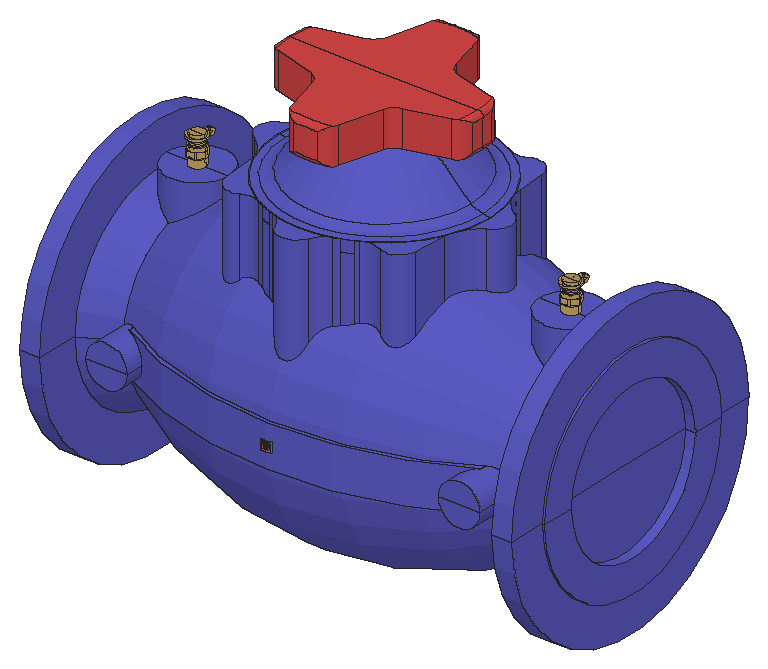
Revit family "HERZ Strömax Балансировочный клапан с измерительными клапанами, шпиндель прямой 4218 GMF", category Rohrzubehör, Revit 2018
Family settings
  Bemaßung runder Anschluss = Durchmesser verwenden
  Teiletyp = Unterbricht
  OmniClass-Nummer = 23.65.55.14
  OmniClass-Titel = Valves for Liquid Services
  Arbeitsebenenbasiert = Nein
  Immer vertikal = Ja
  Beim Laden mit Abzugskörper schneiden = Nein
  Gemeinsam genutzt = Nein
Parameters
  Среда = "Допускается использование этилен- и пропиленгликоля в концентрации смеси 25-50% объема.\r\nКачество теплоносителя в соответствии с ÖNORM H 5195 и VDI 2035."
  Область применения = "Для гидравлической балансировки в системах отопления или охлаждения, регулирования и перекрытия трубопроводов, стояков, теплообменников, регистров отопления и охлаждения."
  Номер заказа [instance] = size_lookup("4218_GMF_", "Artnr", 0, Nennweite)  # 1421851
  Макс. рабочее давление = 1600000.0 Pa  # constant formula
  Макс. рабочая температура (с DN40) = 110 °C  # constant formula
  Макс. рабочая температура (до DN32) = 130 °C  # constant formula
  Корпус = "чугун GJL 250 по EN 1561"  # constant formula
  Исполнение = "STRÖMAX-GMF-Балансировочный клапан с измерительными клапанами DN 25 - 150:\r\nШпиндель прямой, корпус из чугуна GJL 250 по EN 1561, фланцевое исполнение EN 1092, PN 16, синего цвета.\r\nБуксы клапана до DN 100 из латуни, резьбовое соединение, от DN 125 буксы клапана из чугуна, с неподнимающимся шпинделем.\r\nУплотнение шпинделя при помощи двойного кольцевого уплотнения.\r\nПредварительная настройка производится посредством ограничения хода с помощью внутреннего шпинделя, цифровые показания ступени преднастройки считываются в окошке маховика.\r\nДва измерительных клапана монтируются сверху, по обе стороны маховика."
  Измерение перепада давления = "Клапан балансировочный STRÖMAX-GMF укомплектован двумя измерительными клапанами:\r\nпри применении соответствующего измерительного прибора можно измерить перепад давления и по диаграмме определить текущий расход в зависимости от ступени настройки.\r\nНа экране измерительного прибора высвечивается текущее значение расхода (см. руководство по измерительным приборам)."
  kvs-значения [instance] = if(Nennweite = 25.00 mm, 11.53, if(Nennweite = 32.00 mm, 16.6, if(Nennweite = 40.00 mm, 28.6, if(Nennweite = 50.00 mm, 37.84, if(Nennweite = 65.00 mm, 60.3, if(Nennweite = 80.00 mm, 67.8, if(Nennweite = 100.00 mm, 99.55, if(Nennweite = 125.00 mm, 186.58, if(Nennweite = 150.00 mm, 279.05, 0)))))))))  # 279.05
  W02 = 60.00°  # constant formula
  W01 [instance] = if(Nennweite = 25.00 mm, 10.00°, if(Nennweite = 32.00 mm, 10.00°, if(Nennweite = 40.00 mm, 15.00°, if(Nennweite = 50.00 mm, 10.00°, if(Nennweite = 65.00 mm, 25.00°, if(Nennweite = 80.00 mm, 25.00°, 0.80°))))))  # 0.80°
  Букса (до DN100) = "латунь"  # constant formula
  Букса (от DN125) = "чугун"  # constant formula
  URL = "www.herz-armaturen.ru"
  SCRNSEQ = "ARM;ARM_TYP=\"STRV\";2"
  SCRNCODE = "05;07;02"  # constant formula
  S01 [instance] = Nennweite + 10.00 mm  # 160.00 mm
  R02 [instance] = size_lookup("4218_GMF_", "R2", 1.00 mm, Nennweite)  # 30.00 mm
  R01 [instance] = size_lookup("4218_GMF_", "R1", 1.00 mm, Nennweite)  # 20.00 mm
  O-Ring = "EPDM"  # constant formula
  Nennweite [instance] = 150.00 mm
  L03 [instance] = size_lookup("4218_GMF_", "L3", 1.00 mm, Nennweite)  # 180.00 mm
  L02 [instance] = size_lookup("4218_GMF_", "L2", 1.00 mm, Nennweite)  # 170.00 mm
  L01 [instance] = size_lookup("4218_GMF_", "L1", 1.00 mm, Nennweite)  # 185.00 mm
  L00 [instance] = size_lookup("4218_GMF_", "L", 1.00 mm, Nennweite)  # 480.00 mm
  Hersteller = "HERZ Armaturen Ges.m.b.H."  # constant formula
  H08 [instance] = H02 + H04  # 238.50 mm
  H07 = 10.00 mm  # constant formula
  H06 [instance] = size_lookup("4218_GMF_", "H6", 1.00 mm, Nennweite)  # 56.00 mm
  H05 [instance] = size_lookup("4218_GMF_", "H5", 1.00 mm, Nennweite)  # 11.00 mm
  H04 [instance] = size_lookup("4218_GMF_", "H4", 1.00 mm, Nennweite)  # 78.50 mm
  H03 [instance] = size_lookup("4218_GMF_", "H3", 1.00 mm, Nennweite)  # 118.00 mm
  H02N [instance] = H02 + 11.00 mm  # 171.00 mm
  H02 [instance] = size_lookup("4218_GMF_", "H2", 1.00 mm, Nennweite)  # 160.00 mm
  H01 [instance] = size_lookup("4218_GMF_", "H1", 1.00 mm, Nennweite)  # 122.00 mm
  GT = 10.00 mm  # constant formula
  FLL02 [instance] = size_lookup("4218_GMF_", "FLL2", 1.00 mm, Nennweite)  # 19.00 mm
  FLL01 [instance] = size_lookup("4218_GMF_", "FLL1", 1.00 mm, Nennweite)  # 3.00 mm
  FLD03 [instance] = size_lookup("4218_GMF_", "FLD3", 1.00 mm, Nennweite)  # 84.20 mm
  FLD02 [instance] = size_lookup("4218_GMF_", "FLD2", 1.00 mm, Nennweite)  # 101.00 mm
  FLD01 [instance] = size_lookup("4218_GMF_", "FLD1", 1.00 mm, Nennweite)  # 106.00 mm
  FLD00 [instance] = size_lookup("4218_GMF_", "FLD", 1.00 mm, Nennweite)  # 142.50 mm
  DN80 [instance] = Nennweite = 80.00 mm  # no
  DN65 [instance] = Nennweite = 65.00 mm  # no
  DN50-DN80 [instance] = or(Nennweite = 50.00 mm, Nennweite = 65.00 mm, Nennweite = 80.00 mm)  # no
  DN50 [instance] = Nennweite = 50.00 mm  # no
  DN40 [instance] = Nennweite = 40.00 mm  # no
  DN32 [instance] = Nennweite = 32.00 mm  # no
  DN25-DN40 [instance] = or(Nennweite = 25.00 mm, Nennweite = 32.00 mm, Nennweite = 40.00 mm)  # no
  DN25 [instance] = Nennweite = 25.00 mm  # no
  DN150 [instance] = Nennweite = 150.00 mm  # yes
  DN125 [instance] = Nennweite = 125.00 mm  # no
  DN100-DN125 [instance] = or(Nennweite = 100.00 mm, Nennweite = 125.00 mm, Nennweite = 150.00 mm)  # yes
  DN100 [instance] = Nennweite = 100.00 mm  # no
  D04 [instance] = size_lookup("4218_GMF_", "D4", 1.00 mm, Nennweite)  # 15.00 mm
  D03 [instance] = size_lookup("4218_GMF_", "D3", 1.00 mm, Nennweite)  # 16.00 mm
  D02 [instance] = size_lookup("4218_GMF_", "D2", 1.00 mm, Nennweite)  # 17.00 mm
  D01 [instance] = size_lookup("4218_GMF_", "D1", 1.00 mm, Nennweite)  # 102.50 mm
  D00 [instance] = size_lookup("4218_GMF_", "D", 1.00 mm, Nennweite)  # 140.00 mm
  BH02 [instance] = -BH01  # -20.00 mm
  BH01 [instance] = if(Nennweite = 25.00 mm, 12.00 mm, if(Nennweite = 32.00 mm, 12.50 mm, if(Nennweite = 40.00 mm, 12.50 mm, if(Nennweite = 50.00 mm, 12.50 mm, if(Nennweite = 65.00 mm, 15.00 mm, if(Nennweite = 80.00 mm, 16.00 mm, if(Nennweite = 100.00 mm, 17.50 mm, if(Nennweite = 125.00 mm, 17.50 mm, if(Nennweite = 150.00 mm, 20.00 mm, 1.00 mm)))))))))  # 20.00 mm
  Anschluss [instance] = Nennweite / 2  # 75.00 mm
Reference planes
  plane 1 "Mitte (Vorne/hinten)": y = 0
  plane 2: z = 0
  plane 3 "Mitte (Links/rechts)": x = 0
Forms (mm)
  Revolve 1, solid, material "Herz-Marineblau", detail levels fine
    sketch origin (1058.943, 0, 0) x (1, 0, 0) y (0, 1, 0)
      loop
        line (-1295.943, 142.5) -> (-1295.943, 106) -> (-1298.943, 106) -> (-1298.943, 75) -> (-1288.943, 75) -> (-1288.943, 0) -> (-828.943, 0) -> (-828.943, 75) -> (-818.943, 75) -> (-818.943, 106) -> (-821.943, 106) -> (-821.943, 142.5) -> (-840.943, 142.5) -> (-840.943, 101) -> (-873.943, 84.2)
        arc (-873.943, 84.2) -> (-1058.943, 140) -> (-1243.943, 84.2) r 334.576
        line (-1243.943, 84.2) -> (-1276.943, 101) -> (-1276.943, 142.5) -> (-1295.943, 142.5)
      axis (-1298.943, 0) -> (-818.943, 0)
    angle from 0 to 360
  Revolve 2, solid, material "Herz-Marineblau", detail levels fine
    sketch origin (0, 0, 0) x (1, 0, 0) y (0, 1, 0)
      loop
        line (-170, 122) -> (-190, 122) -> (-190, -122) -> (-170, -122) -> (-170, 122)
      axis (-170, 122) -> (-170, -122)
    angle from 0 to 360
  Revolve 3, solid, material "Herz-Marineblau", detail levels fine
    sketch origin (0, 0, 0) x (-1, 0, 0) y (0, 1, 0)
      loop
        line (-170, 122) -> (-190, 122) -> (-190, -122) -> (-170, -122) -> (-170, 122)
      axis (-170, 122) -> (-170, -122)
    angle from 0 to 360
  Revolve 4, solid, material "Herz-Marineblau", detail levels fine
    sketch origin (0, 0, 0) x (1, 0, 0) y (0, 0, 1)
      loop
        line (0, 0) -> (0, 160) -> (-102.5, 160) -> (-102.5, 0) -> (0, 0)
      axis (0, 160) -> (0, 0)
    angle from 0 to 360
  Revolve 5, solid, material "Herz-Marineblau", detail levels fine
    sketch origin (0, 0, 0) x (1, 0, 0) y (0, 0, 1)
      loop
        line (-178.413, 4.322) -> (-148.416, 4.741) -> (-150.003, 118.419) -> (-180, 118) -> (-178.413, 4.322)
      axis (-180, 118) -> (-178.413, 4.322)
    angle from 0 to 360
  Revolve 6, solid, material "Herz-Marineblau", detail levels fine
    sketch origin (0, 0, 0) x (-1, 0, 0) y (0, 0, 1)
      loop
        line (-178.413, 4.322) -> (-148.416, 4.741) -> (-150.003, 118.419) -> (-180, 118) -> (-178.413, 4.322)
      axis (-180, 118) -> (-178.413, 4.322)
    angle from 0 to 360
  Extrusion 7, solid, material "Herz-Marineblau", visible <- "DN25", detail levels fine
    sketch origin (0, 0, 0) x (1, 0, 0) y (0, 1, 0)
      loop
        line (-40, 18.232) -> (-40, -18.232)
        arc (-40, -18.232) -> (0, -31) -> (40, -18.232) r 69.038
        line (40, -18.232) -> (40, 18.232)
        arc (40, 18.232) -> (0, 31) -> (-40, 18.232) r 69.038
    from -20 <- "BH02" to 20 <- "BH01"
  Extrusion 8, solid, material "Herz-Marineblau", visible <- "DN32", detail levels fine
    sketch origin (0, 0, 0) x (1, 0, 0) y (0, 1, 0)
      loop
        line (-50, 21.35) -> (-50, -21.35)
        arc (-50, -21.35) -> (0, -37) -> (50, -21.35) r 87.698
        line (50, -21.35) -> (50, 21.35)
        arc (50, 21.35) -> (0, 37) -> (-50, 21.35) r 87.698
    from -20 <- "BH02" to 20 <- "BH01"
  Extrusion 9, solid, material "Herz-Marineblau", visible <- "DN40", detail levels fine
    sketch origin (0, 0, 0) x (1, 0, 0) y (0, 1, 0)
      loop
        arc (-60, -22.89) -> (0, -39) -> (60, -22.89) r 119.787
        line (60, -22.89) -> (60, 22.89)
        arc (60, 22.89) -> (0, 39) -> (-60, 22.89) r 119.787
        line (-60, 22.89) -> (-60, -22.89)
    from -20 <- "BH02" to 20 <- "BH01"
  Extrusion 10, solid, material "Herz-Marineblau", visible <- "DN50", detail levels fine
    sketch origin (0, 0, 0) x (1, 0, 0) y (0, 1, 0)
      loop
        line (70, -31.244) -> (70, 31.244)
        arc (70, 31.244) -> (0, 44) -> (-70, 31.244) r 198.442
        line (-70, 31.244) -> (-70, -31.244)
        arc (-70, -31.244) -> (0, -44) -> (70, -31.244) r 198.442
    from -20 <- "BH02" to 20 <- "BH01"
  Extrusion 11, solid, material "Herz-Marineblau", visible <- "DN65", detail levels fine
    sketch origin (0, 0, 0) x (1, 0, 0) y (0, 1, 0)
      loop
        line (-89, 42.065) -> (-89, -42.065)
        arc (-89, -42.065) -> (0, -53) -> (89, -42.065) r 367.662
        line (89, -42.065) -> (89, 42.065)
        arc (89, 42.065) -> (0, 53) -> (-89, 42.065) r 367.662
    from -20 <- "BH02" to 20 <- "BH01"
  Extrusion 12, solid, material "Herz-Marineblau", visible <- "DN80", detail levels fine
    sketch origin (0, 0, 0) x (1, 0, 0) y (0, 1, 0)
      loop
        arc (-100, -47.474) -> (0, -56.538) -> (100, -47.474) r 556.156
        line (100, -47.474) -> (100, 47.474)
        arc (100, 47.474) -> (0, 56.538) -> (-100, 47.474) r 556.156
        line (-100, 47.474) -> (-100, -47.474)
    from -20 <- "BH02" to 20 <- "BH01"
  Extrusion 13, solid, material "Herz-Marineblau", visible <- "DN100", detail levels fine
    sketch origin (0, 0, 0) x (1, 0, 0) y (0, 1, 0)
      loop
        line (-118, 61.457) -> (-118, -61.457)
        arc (-118, -61.457) -> (0, -84.506) -> (118, -61.457) r 313.571
        line (118, -61.457) -> (118, 61.457)
        arc (118, 61.457) -> (0, 84.506) -> (-118, 61.457) r 313.571
    from -20 <- "BH02" to 20 <- "BH01"
  Extrusion 14, solid, material "Herz-Marineblau", visible <- "DN125", detail levels fine
    sketch origin (0, 0, 0) x (1, 0, 0) y (0, 1, 0)
      loop
        line (-140, 76.087) -> (-140, -76.087)
        arc (-140, -76.087) -> (0, -121.009) -> (140, -76.087) r 240.621
        line (140, -76.087) -> (140, 76.087)
        arc (140, 76.087) -> (0, 121.009) -> (-140, 76.087) r 240.621
    from -20 <- "BH02" to 20 <- "BH01"
  Extrusion 15, solid, material "Herz-Marineblau", visible <- "DN150", detail levels fine
    sketch origin (0, 0, 0) x (1, 0, 0) y (0, 1, 0)
      loop
        arc (-170, -95.905) -> (0, -141.967) -> (170, -95.905) r 336.739
        line (170, -95.905) -> (170, 95.905)
        arc (170, 95.905) -> (0, 141.967) -> (-170, 95.905) r 336.739
        line (-170, 95.905) -> (-170, -95.905)
    from -20 <- "BH02" to 20 <- "BH01"
  Extrusion 16, solid, material "Herz-Marineblau", visible <- "DN125", detail levels fine
    sketch origin (0, 0, 0) x (1, 0, 0) y (0, 1, 0)
      loop
        arc (15.676, 98.149) -> (0, 109.5) -> (-15.676, 98.149) r 16.5
        arc (-15.676, 98.149) -> (-20.502, 90.282) -> (-28.346, 85.419) r 20
        arc (-28.346, 85.419) -> (-34.369, 83.168) -> (-40.215, 80.492) r 90
        arc (-40.215, 80.492) -> (-49.468, 78.32) -> (-58.678, 80.663) r 20
        arc (-58.678, 80.663) -> (-75.166, 79.318) -> (-82.2, 64.344) r 16.5
        line (-82.2, 64.344) -> (-85.23, 28.819)
        arc (-85.23, 28.819) -> (-90.21, 20.539) -> (-98.49, 15.56) r 20
        arc (-98.49, 15.56) -> (-109.5, 0) -> (-98.49, -15.56) r 16.5
        arc (-98.49, -15.56) -> (-90.21, -20.539) -> (-85.23, -28.819) r 20
        line (-85.23, -28.819) -> (-82.2, -64.344)
        arc (-82.2, -64.344) -> (-75.166, -79.318) -> (-58.678, -80.663) r 16.5
        arc (-58.678, -80.663) -> (-49.468, -78.32) -> (-40.215, -80.492) r 20
        arc (-40.215, -80.492) -> (-34.369, -83.168) -> (-28.346, -85.419) r 90
        arc (-28.346, -85.419) -> (-20.502, -90.282) -> (-15.676, -98.149) r 20
        arc (-15.676, -98.149) -> (0, -109.5) -> (15.676, -98.149) r 16.5
        arc (15.676, -98.149) -> (20.502, -90.282) -> (28.346, -85.419) r 20
        arc (28.346, -85.419) -> (34.369, -83.168) -> (40.215, -80.492) r 90
        arc (40.215, -80.492) -> (49.468, -78.32) -> (58.678, -80.663) r 20
        arc (58.678, -80.663) -> (75.166, -79.318) -> (82.2, -64.344) r 16.5
        line (82.2, -64.344) -> (85.23, -28.819)
        arc (85.23, -28.819) -> (90.21, -20.539) -> (98.49, -15.56) r 20
        arc (98.49, -15.56) -> (109.5, 0) -> (98.49, 15.56) r 16.5
        arc (98.49, 15.56) -> (90.21, 20.539) -> (85.23, 28.819) r 20
        line (85.23, 28.819) -> (82.2, 64.344)
        arc (82.2, 64.344) -> (75.166, 79.318) -> (58.678, 80.663) r 16.5
        arc (58.678, 80.663) -> (49.468, 78.32) -> (40.215, 80.492) r 20
        arc (40.215, 80.492) -> (34.369, 83.168) -> (28.346, 85.419) r 90
        arc (28.346, 85.419) -> (20.502, 90.282) -> (15.676, 98.149) r 20
    from 0 to 171 <- "H02N"
  Extrusion 17, solid, material "Herz-Marineblau", visible <- "DN150", detail levels fine
    sketch origin (0, 0, 0) x (1, 0, 0) y (0, 1, 0)
      loop
        arc (16.1, 110.958) -> (0, 122.5) -> (-16.1, 110.958) r 17
        arc (-16.1, 110.958) -> (-21.16, 102.981) -> (-29.318, 98.218) r 19.995
        arc (-29.318, 98.218) -> (-39.225, 94.698) -> (-48.72, 90.181) r 102.5
        arc (-48.72, 90.181) -> (-57.856, 87.781) -> (-67.075, 89.844) r 19.995
        arc (-67.075, 89.844) -> (-82.996, 89.381) -> (-91.547, 75.943) r 17
        line (-91.547, 75.943) -> (-94.4, 39.936)
        arc (-94.4, 39.936) -> (-101.42, 25.402) -> (-113.679, 14.903) r 39.4
        arc (-113.679, 14.903) -> (-122.5, 0) -> (-113.679, -14.903) r 17
        arc (-113.679, -14.903) -> (-101.42, -25.402) -> (-94.4, -39.936) r 39.4
        line (-94.4, -39.936) -> (-91.547, -75.943)
        arc (-91.547, -75.943) -> (-82.996, -89.381) -> (-67.075, -89.844) r 17
        arc (-67.075, -89.844) -> (-57.856, -87.781) -> (-48.72, -90.181) r 19.995
        arc (-48.72, -90.181) -> (-39.225, -94.698) -> (-29.318, -98.218) r 102.5
        arc (-29.318, -98.218) -> (-21.16, -102.981) -> (-16.1, -110.958) r 19.995
        arc (-16.1, -110.958) -> (0, -122.5) -> (16.1, -110.958) r 17
        arc (16.1, -110.958) -> (21.16, -102.981) -> (29.318, -98.218) r 19.995
        arc (29.318, -98.218) -> (39.225, -94.698) -> (48.72, -90.181) r 102.5
        arc (48.72, -90.181) -> (57.856, -87.781) -> (67.075, -89.844) r 19.995
        arc (67.075, -89.844) -> (82.996, -89.381) -> (91.547, -75.943) r 17
        line (91.547, -75.943) -> (93.96, -45.484)
        arc (93.96, -45.484) -> (99.132, -28.867) -> (110.958, -16.1) r 39.4
        arc (110.958, -16.1) -> (122.5, 0) -> (110.958, 16.1) r 17
        arc (110.958, 16.1) -> (99.132, 28.867) -> (93.96, 45.484) r 39.4
        line (93.96, 45.484) -> (91.547, 75.943)
        arc (91.547, 75.943) -> (82.996, 89.381) -> (67.075, 89.844) r 17
        arc (67.075, 89.844) -> (57.856, 87.781) -> (48.72, 90.181) r 19.995
        arc (48.72, 90.181) -> (39.225, 94.698) -> (29.318, 98.218) r 102.5
        arc (29.318, 98.218) -> (21.16, 102.981) -> (16.1, 110.958) r 19.995
    from 0 to 171 <- "H02N"
  Revolve 18, solid, material "Herz-Marineblau", detail levels fine
    sketch origin (0, 0, 0) x (1, 0, 0) y (0, 0, 1)
      loop
        line (0, 160) -> (0, 238.5) -> (-15, 238.5) -> (-15, 228.5) -> (-16, 228.5) -> (-16, 227) -> (-17, 227) -> (-17, 171) -> (-102.5, 171) -> (-102.5, 160) -> (0, 160)
      axis (0, 238.5) -> (0, 160)
    angle from 0 to 360
  Revolve 19, solid, material "Herz-Marineblau", visible <- "DN125", detail levels fine
    sketch origin (0, 0, 143) x (1, 0, 0) y (0, 0, 1)
      loop
        line (0, 0) -> (0, 62) -> (-15, 62) -> (-15, 52) -> (-21.8, 52)
        arc (-21.8, 52) -> (-23.44, 48.297) -> (-27.284, 47.023) r 5
        arc (-27.284, 47.023) -> (-30.294, 46.63) -> (-32.827, 44.959) r 6.752
        arc (-32.827, 44.959) -> (-52.854, 27.042) -> (-71.197, 7.406) r 300
        arc (-71.197, 7.406) -> (-77.249, 2.612) -> (-84.666, 0.467) r 20
        line (-84.666, 0.467) -> (-90, 0) -> (0, 0)
      axis (0, 62) -> (0, 0)
    angle from 0 to 360
  Revolve 20, solid, material "Herz-Marineblau", visible <- "DN150", detail levels fine
    sketch origin (0, 0, 171) x (1, 0, 0) y (0, 0, 1)
      loop
        line (0, 67.5) -> (-15, 67.5) -> (-15, 57.5) -> (-21.8, 57.5)
        arc (-21.8, 57.5) -> (-23.44, 53.797) -> (-27.284, 52.523) r 5
        arc (-27.284, 52.523) -> (-29.026, 52.21) -> (-30.549, 51.31) r 5
        arc (-30.549, 51.31) -> (-58.499, 29.932) -> (-83.754, 5.428) r 300
        arc (-83.754, 5.428) -> (-89.037, 2.148) -> (-95.072, 0.65) r 20
        line (-95.072, 0.65) -> (-102.5, 0) -> (0, 0) -> (0, 67.5)
      axis (0, 67.5) -> (0, 0)
    angle from 0 to 360
Lines and regions (mm)
  model lines, detail levels coarse+medium
    curve 1: line (-240, 0, 142.5) -> (-240, 0, -142.5)
    curve 2: line (-240, 0, -142.5) -> (240, 0, 142.5)
    curve 3: line (240, 0, 142.5) -> (240, 0, -142.5)
    curve 4: line (240, 0, -142.5) -> (-240, 0, 142.5)
    curve 5: line (0, 0, 0) -> (137.698, 0, 238.5)
    curve 6: line (68.416, 0, 278.5) -> (206.98, 0, 198.5)
    curve 7: line (-240, 142.5, 0) -> (-240, -142.5, 0)
    curve 8: line (-240, -142.5, 0) -> (240, 142.5, 0)
    curve 9: line (240, 142.5, 0) -> (240, -142.5, 0)
    curve 10: line (240, -142.5, 0) -> (-240, 142.5, 0)
    curve 11: line (0, 0, 0) -> (137.698, 238.5, 0)
    curve 12: line (68.416, 278.5, 0) -> (206.98, 198.5, 0)
Dimensions and locks
  "FLD00": plane 1 "Mitte (Vorne/hinten)" to Revolve 1 sketch curve
  "FLD01": plane 1 "Mitte (Vorne/hinten)" to Revolve 1 sketch curve
  "FLD02": plane 1 "Mitte (Vorne/hinten)" to Revolve 1 sketch curve  (x2)
  "FLD03": plane 1 "Mitte (Vorne/hinten)" to Revolve 1 sketch curve  (x2)
  "GT": Revolve 1 sketch curve to Revolve 1 sketch curve  (x2)
  "FLL01": Revolve 1 sketch curve to Revolve 1 sketch curve  (x2)
  "FLL02": Revolve 1 sketch curve to Revolve 1 sketch curve  (x2)
  equal spacing: Revolve 1 sketch curve, plane 3 "Mitte (Links/rechts)", Revolve 1 sketch curve
  "Anschluss": Revolve 1 sketch curve to plane 1 "Mitte (Vorne/hinten)"
  "Anschluss": plane 1 "Mitte (Vorne/hinten)" to Revolve 1 sketch curve
  "FLD01": Revolve 1 sketch curve to plane 1 "Mitte (Vorne/hinten)"
  "FLD00": Revolve 1 sketch curve to plane 1 "Mitte (Vorne/hinten)"
  "L00": Revolve 1 sketch curve to Revolve 1 sketch curve
  "D00": plane 1 "Mitte (Vorne/hinten)" to Revolve 1 sketch curve
  "L01": Revolve 1 sketch curve to plane 3 "Mitte (Links/rechts)" to Revolve 1 sketch curve
  "L02": Revolve 2 sketch curve to plane 3 "Mitte (Links/rechts)"
  "R01": Revolve 2 sketch curve to Revolve 2 sketch curve
  "H01": Revolve 2 sketch curve to plane 1 "Mitte (Vorne/hinten)" to Revolve 2 sketch curve
  "L02": plane 3 "Mitte (Links/rechts)" to Revolve 3 sketch curve
  "R01": Revolve 3 sketch curve to Revolve 3 sketch curve
  "H01": Revolve 3 sketch curve to plane 1 "Mitte (Vorne/hinten)" to Revolve 3 sketch curve
  "D01": plane 3 "Mitte (Links/rechts)" to Revolve 4 sketch curve
  "H02": Revolve 4 sketch curve to plane 2
  "H03": Revolve 5 sketch curve to plane 2  (x2)
  "R02": Revolve 5 sketch curve to Revolve 5 sketch curve
  "L03": plane 3 "Mitte (Links/rechts)" to Revolve 5 sketch curve  (x2)
  "R02": Revolve 6 sketch curve to Revolve 6 sketch curve
  "L03": Revolve 6 sketch curve to plane 3 "Mitte (Links/rechts)"  (x2)
  "H03": Revolve 6 sketch curve to plane 2  (x2)
  "D01": plane 3 "Mitte (Links/rechts)" to Revolve 18 sketch curve
  "D02": plane 3 "Mitte (Links/rechts)" to Revolve 18 sketch curve
  "D03": plane 3 "Mitte (Links/rechts)" to Revolve 18 sketch curve
  "D04": plane 3 "Mitte (Links/rechts)" to Revolve 18 sketch curve
  "H02": Revolve 18 sketch curve to plane 2
  "H04": Revolve 18 sketch curve to Revolve 18 sketch curve
  "H05": Revolve 18 sketch curve to Revolve 18 sketch curve
  "H06": Revolve 18 sketch curve to Revolve 18 sketch curve
  "H07": Revolve 18 sketch curve to Revolve 18 sketch curve
  "H08": nested 28 to plane 2
  "H08": nested 29 to plane 2
  "H08": nested 30 to plane 2
  "FLD00": curve 4 to plane 2 to curve 2
  "FLD00": curve 3 to plane 2 to curve 4
  equal spacing: curve 1, plane 3 "Mitte (Links/rechts)", curve 3
  "L00": curve 1 to curve 3
  equal spacing: curve 1, curve 5, curve 3
  "H08": curve 5 to plane 2
  equal spacing: curve 6, curve 5, curve 6
  "S01": curve 6 to curve 6
  "FLD00": curve 8 to plane 1 "Mitte (Vorne/hinten)" to curve 10
  "FLD00": curve 10 to plane 1 "Mitte (Vorne/hinten)" to curve 9
  equal spacing: curve 7, plane 3 "Mitte (Links/rechts)", curve 9
  "L00": curve 7 to curve 9
  equal spacing: curve 7, curve 11, curve 9
  "H08": plane 1 "Mitte (Vorne/hinten)" to curve 11
  equal spacing: curve 12, curve 11, curve 12
  "S01": curve 12 to curve 12
  "W01": angle plane 3 "Mitte (Links/rechts)" to Revolve 5 sketch curve  (x2)
  "W01": angle Revolve 6 sketch curve to plane 3 "Mitte (Links/rechts)"  (x2)
  "W02": angle plane 2 to curve 5
  "W02": angle plane 1 "Mitte (Vorne/hinten)" to curve 11
  aligned and locked: level to plane 2
Automatic sketch dimensions
  Extrusion 7 sketch curve to plane 3 "Mitte (Links/rechts)" = 0.00 mm  (x2)
  Extrusion 7 sketch curve to plane 1 "Mitte (Vorne/hinten)" = 18.232 mm  (x2)
  Extrusion 7 sketch curve to plane 3 "Mitte (Links/rechts)" = 40.00 mm
  plane 1 "Mitte (Vorne/hinten)" to Extrusion 7 sketch curve = 18.232 mm
  plane 1 "Mitte (Vorne/hinten)" to Extrusion 7 sketch curve = 38.038 mm
  Extrusion 7 sketch curve to plane 1 "Mitte (Vorne/hinten)" = 38.038 mm
  Extrusion 8 sketch curve to plane 3 "Mitte (Links/rechts)" = 0.00 mm  (x2)
  plane 1 "Mitte (Vorne/hinten)" to Extrusion 8 sketch curve = 21.35 mm  (x2)
  Extrusion 8 sketch curve to plane 3 "Mitte (Links/rechts)" = 50.00 mm
  plane 1 "Mitte (Vorne/hinten)" to Extrusion 8 sketch curve = 50.698 mm
  Extrusion 8 sketch curve to plane 1 "Mitte (Vorne/hinten)" = 21.35 mm
  Extrusion 8 sketch curve to plane 1 "Mitte (Vorne/hinten)" = 50.698 mm
  Extrusion 9 sketch curve to plane 3 "Mitte (Links/rechts)" = 0.00 mm  (x2)
  Extrusion 9 sketch curve to plane 1 "Mitte (Vorne/hinten)" = 22.89 mm  (x2)
  Extrusion 9 sketch curve to plane 3 "Mitte (Links/rechts)" = 60.00 mm
  plane 1 "Mitte (Vorne/hinten)" to Extrusion 9 sketch curve = 22.89 mm
  plane 1 "Mitte (Vorne/hinten)" to Extrusion 9 sketch curve = 80.787 mm
  Extrusion 9 sketch curve to plane 1 "Mitte (Vorne/hinten)" = 80.787 mm
  Extrusion 10 sketch curve to plane 3 "Mitte (Links/rechts)" = 0.00 mm  (x2)
  plane 1 "Mitte (Vorne/hinten)" to Extrusion 10 sketch curve = 31.244 mm  (x2)
  Extrusion 10 sketch curve to plane 3 "Mitte (Links/rechts)" = 70.00 mm
  Extrusion 10 sketch curve to Extrusion 10 sketch curve = 123.198 mm  (x2)
  Extrusion 10 sketch curve to plane 1 "Mitte (Vorne/hinten)" = 31.244 mm
  Extrusion 11 sketch curve to plane 3 "Mitte (Links/rechts)" = 0.00 mm  (x2)
  plane 1 "Mitte (Vorne/hinten)" to Extrusion 11 sketch curve = 42.065 mm  (x2)
  Extrusion 11 sketch curve to plane 3 "Mitte (Links/rechts)" = 89.00 mm
  Extrusion 11 sketch curve to Extrusion 11 sketch curve = 272.597 mm  (x2)
  Extrusion 11 sketch curve to plane 1 "Mitte (Vorne/hinten)" = 42.065 mm
  Extrusion 12 sketch curve to plane 3 "Mitte (Links/rechts)" = 0.00 mm  (x2)
  Extrusion 12 sketch curve to plane 1 "Mitte (Vorne/hinten)" = 47.474 mm
  Extrusion 12 sketch curve to plane 3 "Mitte (Links/rechts)" = 100.00 mm
  plane 1 "Mitte (Vorne/hinten)" to Extrusion 12 sketch curve = 47.474 mm
  plane 3 "Mitte (Links/rechts)" to Extrusion 12 sketch curve = 100.00 mm
  Extrusion 12 sketch curve to Extrusion 12 sketch curve = 452.143 mm  (x2)
  Extrusion 13 sketch curve to plane 3 "Mitte (Links/rechts)" = 0.00 mm  (x2)
  plane 1 "Mitte (Vorne/hinten)" to Extrusion 13 sketch curve = 61.457 mm  (x2)
  Extrusion 13 sketch curve to plane 3 "Mitte (Links/rechts)" = 118.00 mm
  Extrusion 13 sketch curve to Extrusion 13 sketch curve = 167.608 mm  (x2)
  Extrusion 13 sketch curve to plane 1 "Mitte (Vorne/hinten)" = 61.457 mm
  Extrusion 14 sketch curve to plane 3 "Mitte (Links/rechts)" = 0.00 mm  (x2)
  plane 1 "Mitte (Vorne/hinten)" to Extrusion 14 sketch curve = 76.087 mm  (x2)
  Extrusion 14 sketch curve to plane 3 "Mitte (Links/rechts)" = 140.00 mm
  plane 1 "Mitte (Vorne/hinten)" to Extrusion 14 sketch curve = 119.612 mm
  Extrusion 14 sketch curve to plane 1 "Mitte (Vorne/hinten)" = 76.087 mm
  Extrusion 14 sketch curve to plane 1 "Mitte (Vorne/hinten)" = 119.612 mm
  Extrusion 15 sketch curve to plane 3 "Mitte (Links/rechts)" = 0.00 mm  (x2)
  Extrusion 15 sketch curve to plane 1 "Mitte (Vorne/hinten)" = 95.905 mm  (x2)
  Extrusion 15 sketch curve to plane 3 "Mitte (Links/rechts)" = 170.00 mm
  plane 1 "Mitte (Vorne/hinten)" to Extrusion 15 sketch curve = 95.905 mm
  plane 1 "Mitte (Vorne/hinten)" to Extrusion 15 sketch curve = 194.771 mm
  Extrusion 15 sketch curve to plane 1 "Mitte (Vorne/hinten)" = 194.771 mm
  plane 1 "Mitte (Vorne/hinten)" to Extrusion 16 sketch curve = 0.00 mm  (x2)
  Extrusion 16 sketch curve to plane 3 "Mitte (Links/rechts)" = 0.00 mm  (x2)
  plane 1 "Mitte (Vorne/hinten)" to Extrusion 16 sketch curve = 0.047 mm  (x2)
  Extrusion 16 sketch curve to plane 3 "Mitte (Links/rechts)" = 0.141 mm
  Extrusion 16 sketch curve to plane 1 "Mitte (Vorne/hinten)" = 0.047 mm  (x2)
  Extrusion 16 sketch curve to Extrusion 16 sketch curve = 0.00 mm  (x10)
  Extrusion 16 sketch curve to plane 3 "Mitte (Links/rechts)" = 34.677 mm  (x2)
  Extrusion 16 sketch curve to Extrusion 16 sketch curve = 14.605 mm  (x4)
  Extrusion 16 sketch curve to Extrusion 16 sketch curve = 16.479 mm  (x4)
  Extrusion 16 sketch curve to Extrusion 16 sketch curve = 16.439 mm  (x4)
  Extrusion 16 sketch curve to Extrusion 16 sketch curve = 3.03 mm  (x4)
  plane 1 "Mitte (Vorne/hinten)" to Extrusion 16 sketch curve = 28.819 mm  (x2)
  Extrusion 16 sketch curve to Extrusion 16 sketch curve = 7.77 mm  (x2)
  Extrusion 16 sketch curve to Extrusion 16 sketch curve = 19.122 mm  (x4)
  plane 3 "Mitte (Links/rechts)" to Extrusion 16 sketch curve = 0.141 mm
  plane 3 "Mitte (Links/rechts)" to Extrusion 16 sketch curve = 34.677 mm  (x2)
  Extrusion 16 sketch curve to Extrusion 16 sketch curve = 5.862 mm  (x4)
  Extrusion 16 sketch curve to Extrusion 16 sketch curve = 35.525 mm  (x4)
  Extrusion 16 sketch curve to Extrusion 16 sketch curve = 1.417 mm  (x4)
  Extrusion 16 sketch curve to Extrusion 16 sketch curve = 27.239 mm  (x2)
  Extrusion 16 sketch curve to Extrusion 16 sketch curve = 32.558 mm  (x4)
  Extrusion 16 sketch curve to Extrusion 16 sketch curve = 6.072 mm  (x4)
  Extrusion 16 sketch curve to plane 1 "Mitte (Vorne/hinten)" = 28.819 mm  (x2)
  Extrusion 16 sketch curve to plane 3 "Mitte (Links/rechts)" = 15.676 mm  (x2)
  Extrusion 16 sketch curve to Extrusion 16 sketch curve = 11.869 mm  (x4)
  Extrusion 16 sketch curve to plane 1 "Mitte (Vorne/hinten)" = 15.56 mm
  plane 1 "Mitte (Vorne/hinten)" to Extrusion 16 sketch curve = 15.56 mm
  Extrusion 17 sketch curve to Extrusion 17 sketch curve = 0.00 mm  (x25)
  plane 1 "Mitte (Vorne/hinten)" to Extrusion 17 sketch curve = 0.00 mm  (x3)
  Extrusion 17 sketch curve to plane 3 "Mitte (Links/rechts)" = 0.00 mm  (x3)
  Extrusion 17 sketch curve to plane 3 "Mitte (Links/rechts)" = 35.037 mm  (x2)
  Extrusion 17 sketch curve to Extrusion 17 sketch curve = 23.187 mm  (x4)
  Extrusion 17 sketch curve to Extrusion 17 sketch curve = 16.376 mm  (x4)
  Extrusion 17 sketch curve to Extrusion 17 sketch curve = 16.947 mm  (x4)
  Extrusion 17 sketch curve to plane 1 "Mitte (Vorne/hinten)" = 39.936 mm
  Extrusion 17 sketch curve to Extrusion 17 sketch curve = 2.853 mm  (x2)
  plane 1 "Mitte (Vorne/hinten)" to Extrusion 17 sketch curve = 39.936 mm
  Extrusion 17 sketch curve to Extrusion 17 sketch curve = 11.10 mm
  Extrusion 17 sketch curve to Extrusion 17 sketch curve = 38.236 mm  (x2)
  plane 3 "Mitte (Links/rechts)" to Extrusion 17 sketch curve = 35.037 mm  (x2)
  plane 1 "Mitte (Vorne/hinten)" to Extrusion 17 sketch curve = 45.484 mm
  Extrusion 17 sketch curve to Extrusion 17 sketch curve = 2.414 mm  (x2)
  Extrusion 17 sketch curve to plane 1 "Mitte (Vorne/hinten)" = 45.484 mm
  Extrusion 17 sketch curve to Extrusion 17 sketch curve = 11.54 mm
  Extrusion 17 sketch curve to Extrusion 17 sketch curve = 39.277 mm  (x2)
  Extrusion 17 sketch curve to Extrusion 17 sketch curve = 3.113 mm  (x2)
  Extrusion 17 sketch curve to Extrusion 17 sketch curve = 9.507 mm  (x2)
  Extrusion 17 sketch curve to Extrusion 17 sketch curve = 29.116 mm  (x2)
  Extrusion 17 sketch curve to Extrusion 17 sketch curve = 34.664 mm  (x2)
  Extrusion 17 sketch curve to Extrusion 17 sketch curve = 1.343 mm  (x4)
  Extrusion 17 sketch curve to Extrusion 17 sketch curve = 30.90 mm  (x2)
  Extrusion 17 sketch curve to Extrusion 17 sketch curve = 33.174 mm  (x4)
  Extrusion 17 sketch curve to Extrusion 17 sketch curve = 9.604 mm  (x4)
  Extrusion 17 sketch curve to plane 3 "Mitte (Links/rechts)" = 16.10 mm  (x2)
  plane 1 "Mitte (Vorne/hinten)" to Extrusion 17 sketch curve = 16.10 mm
  Revolve 19 sketch curve to plane 3 "Mitte (Links/rechts)" = 0.00 mm  (x2)
  Revolve 19 sketch curve to Revolve 19 sketch curve = 15.00 mm
  Revolve 19 sketch curve to Revolve 19 sketch curve = 6.80 mm
  Revolve 19 sketch curve to Revolve 19 sketch curve = 5.00 mm
  Revolve 19 sketch curve to Revolve 19 sketch curve = 1.137 mm
  Revolve 19 sketch curve to Revolve 19 sketch curve = 56.729 mm
  Revolve 19 sketch curve to Revolve 19 sketch curve = 1.743 mm
  Revolve 19 sketch curve to Revolve 19 sketch curve = 5.334 mm
  Revolve 19 sketch curve to level = 44.36 mm
  plane 3 "Mitte (Links/rechts)" to Revolve 19 sketch curve = 156.983 mm
  level to Revolve 19 sketch curve = 143.00 mm
  Revolve 19 sketch curve to Revolve 19 sketch curve = 0.467 mm
  Revolve 19 sketch curve to Revolve 19 sketch curve = 19.924 mm
  Revolve 19 sketch curve to Revolve 19 sketch curve = 40.303 mm
  Revolve 19 sketch curve to Revolve 19 sketch curve = 11.697 mm
  Revolve 19 sketch curve to Revolve 19 sketch curve = 10.00 mm
  Revolve 19 sketch curve to Revolve 19 sketch curve = 0.00 mm
  Revolve 19 sketch curve to Revolve 19 sketch curve = 5.544 mm
  Revolve 19 sketch curve to level = 223.045 mm
  Revolve 19 sketch curve to Revolve 19 sketch curve = 2152.315 mm
  level to Revolve 20 sketch curve = 171.00 mm
  Revolve 20 sketch curve to plane 3 "Mitte (Links/rechts)" = 0.00 mm  (x2)
  Revolve 20 sketch curve to plane 3 "Mitte (Links/rechts)" = 15.00 mm
  Revolve 20 sketch curve to Revolve 20 sketch curve = 6.80 mm
  Revolve 20 sketch curve to Revolve 20 sketch curve = 5.00 mm
  Revolve 20 sketch curve to Revolve 20 sketch curve = 0.484 mm
  level to Revolve 20 sketch curve = 171.65 mm
  Revolve 20 sketch curve to Revolve 20 sketch curve = 67.788 mm
  Revolve 20 sketch curve to Revolve 20 sketch curve = 1.743 mm
  Revolve 20 sketch curve to Revolve 20 sketch curve = 7.428 mm
  plane 3 "Mitte (Links/rechts)" to Revolve 20 sketch curve = 137.422 mm
  Revolve 20 sketch curve to level = 26.257 mm
  Revolve 20 sketch curve to Revolve 20 sketch curve = 19.924 mm
  level to Revolve 20 sketch curve = 218.523 mm
  Revolve 20 sketch curve to Revolve 20 sketch curve = 9.977 mm
  Revolve 20 sketch curve to Revolve 20 sketch curve = 10.00 mm
  Revolve 20 sketch curve to Revolve 20 sketch curve = 3.265 mm
  Revolve 20 sketch curve to Revolve 20 sketch curve = 168.787 mm
  Revolve 20 sketch curve to Revolve 20 sketch curve = 2146.815 mm
  plane 1 "Mitte (Vorne/hinten)" to Revolve 1 sketch curve = 0.00 mm  (x2)
  Revolve 1 sketch curve to Revolve 1 sketch curve = 35.00 mm
  Revolve 1 sketch curve to Revolve 1 sketch curve = 40.00 mm
  Revolve 2 sketch curve to Revolve 2 sketch curve = 0.00 mm  (x3)
  Revolve 3 sketch curve to Revolve 3 sketch curve = 0.00 mm  (x3)
  Revolve 4 sketch curve to level = 0.00 mm
  Revolve 4 sketch curve to plane 3 "Mitte (Links/rechts)" = 0.00 mm  (x2)
  Revolve 4 sketch curve to Revolve 4 sketch curve = 366.045 mm
  Revolve 4 sketch curve to Revolve 4 sketch curve = 2169.315 mm
  level to Revolve 5 sketch curve = 4.322 mm
  Revolve 6 sketch curve to level = 4.322 mm
  Revolve 18 sketch curve to plane 3 "Mitte (Links/rechts)" = 0.00 mm  (x2)
  Revolve 18 sketch curve to level = 366.045 mm
  Revolve 18 sketch curve to Revolve 18 sketch curve = 2130.015 mm
Nested families
  nested 1: "Herz-Logo-vorne" at (0, -31, 0) x (0, 1, 0) z (0, 0, 1), visible <- "DN25", type "Herz-Logo-vorne", detail levels fine
  nested 2: "Herz-Logo-vorne" at (0, -36.982, 0) x (0, 1, 0) z (0, 0, 1), visible <- "DN32", type "Herz-Logo-vorne", detail levels fine
  nested 3: "Herz-Logo-vorne" at (0, -39, 0) x (0, 1, 0) z (0, 0, 1), visible <- "DN40", type "Herz-Logo-vorne", detail levels fine
  nested 4: "Herz-Logo-vorne" at (0, -44, 0) x (0, 1, 0) z (0, 0, 1), visible <- "DN50", type "Herz-Logo-vorne", detail levels fine
  nested 5: "Herz-Logo-vorne" at (0, -52.982, 0) x (0, 1, 0) z (0, 0, 1), visible <- "DN65", type "Herz-Logo-vorne", detail levels fine
  nested 6: "Herz-Logo-vorne" at (0, -56.521, 0) x (0, 1, 0) z (0, 0, 1), visible <- "DN80", type "Herz-Logo-vorne", detail levels fine
  nested 7: "Herz-Logo-vorne" at (0, -84.489, 0) x (0, 1, 0) z (0, 0, 1), visible <- "DN100", type "Herz-Logo-vorne", detail levels fine
  nested 8: "Herz-Logo-vorne" at (0, -120.991, 0) x (0, 1, 0) z (0, 0, 1), visible <- "DN125", type "Herz-Logo-vorne", detail levels fine
  nested 9: "Herz-Logo-vorne" at (0, -141.95, 0) x (0, 1, 0) z (0, 0, 1), visible <- "DN150", type "Herz-Logo-vorne", detail levels fine
  nested 10: "Messstutzen_Band_Austritt_senkrecht_(oben 10)" at (40.437, 0, 23.137), visible <- "DN25", type "Messstutzen_Band_Austritt_senkrecht_(oben 10)"
    with Schutzkappe yes, Nennweite 0.00 mm, Gewicht 0.00 kg, Bestellnummer 0
  nested 11: "Messstutzen_Band_Austritt_senkrecht_(oben 10)" at (46.437, 0, 23.137), visible <- "DN32", type "Messstutzen_Band_Austritt_senkrecht_(oben 10)"
    with Schutzkappe yes, Nennweite 0.00 mm, Gewicht 0.00 kg, Bestellnummer 0
  nested 12: "Messstutzen_Band_Austritt_senkrecht_(oben 15)" at (49.671, 0, 29.307), visible <- "DN40", type "Messstutzen_Band_Austritt_senkrecht_(oben 15)"
    with Schutzkappe yes, Nennweite 0.00 mm, Gewicht 0.00 kg, Bestellnummer 0
  nested 13: "Messstutzen_Band_Austritt_senkrecht_(oben 10)" at (63.437, 0, 39.137), visible <- "DN50", type "Messstutzen_Band_Austritt_senkrecht_(oben 10)"
    with Schutzkappe yes, Nennweite 0.00 mm, Gewicht 0.00 kg, Bestellnummer 0
  nested 14: "Messstutzen_Band_Austritt_senkrecht_(oben 25)" at (73.196, 0, 51.843), visible <- "DN65", type "Messstutzen_Band_Austritt_senkrecht_(oben 25)"
    with Schutzkappe yes, Nennweite 0.00 mm, Gewicht 0.00 kg, Bestellnummer 0
  nested 15: "Messstutzen_Band_Austritt_senkrecht_(oben 25)" at (81.196, 0, 56.843), visible <- "DN80", type "Messstutzen_Band_Austritt_senkrecht_(oben 25)"
    with Schutzkappe yes, Nennweite 0.00 mm, Gewicht 0.00 kg, Bestellnummer 0
  nested 16: "Messstutzen_Band_Austritt_senkrecht_(oben 0.8)" at (124.874, 0, 67.001), visible <- "DN100", type "Messstutzen_Band_Austritt_senkrecht_(oben 0.8)"
    with Schutzkappe yes, Nennweite 0.00 mm, Gewicht 0.00 kg, Bestellnummer 0
  nested 17: "Messstutzen_Band_Austritt_senkrecht_(oben 0.8)" at (153.874, 0, 91.001), visible <- "DN125", type "Messstutzen_Band_Austritt_senkrecht_(oben 0.8)"
    with Schutzkappe yes, Nennweite 0.00 mm, Gewicht 0.00 kg, Bestellnummer 0
  nested 18: "Messstutzen_Band_Austritt_senkrecht_(oben 0.8)" at (179.874, 0, 109.001), visible <- "DN150", type "Messstutzen_Band_Austritt_senkrecht_(oben 0.8)"
    with Schutzkappe yes, Nennweite 0.00 mm, Gewicht 0.00 kg, Bestellnummer 0
  nested 19: "Messstutzen_Band_Eintritt_senkrecht_(oben 10)" at (-40.437, 0, 23.137), visible <- "DN25", type "Messstutzen_Band_Eintritt_senkrecht_(oben 10)"
    with Schutzkappe yes, Nennweite 0.00 mm, Gewicht 0.00 kg, Bestellnummer 0
  nested 20: "Messstutzen_Band_Eintritt_senkrecht_(oben 10)" at (-46.437, 0, 23.137), visible <- "DN32", type "Messstutzen_Band_Eintritt_senkrecht_(oben 10)"
    with Schutzkappe yes, Nennweite 0.00 mm, Gewicht 0.00 kg, Bestellnummer 0
  nested 21: "Messstutzen_Band_Eintritt_senkrecht_(oben 15)" at (-49.671, 0, 29.307), visible <- "DN40", type "Messstutzen_Band_Eintritt_senkrecht_(oben 15)"
    with Schutzkappe yes, Nennweite 0.00 mm, Gewicht 0.00 kg, Bestellnummer 0
  nested 22: "Messstutzen_Band_Eintritt_senkrecht_(oben 10)" at (-63.437, 0, 39.137), visible <- "DN50", type "Messstutzen_Band_Eintritt_senkrecht_(oben 10)"
    with Schutzkappe yes, Nennweite 0.00 mm, Gewicht 0.00 kg, Bestellnummer 0
  nested 23: "Messstutzen_Band_Eintritt_senkrecht_(oben 25)" at (-73.196, 0, 51.843), visible <- "DN65", type "Messstutzen_Band_Eintritt_senkrecht_(oben 25)"
    with Schutzkappe yes, Nennweite 0.00 mm, Gewicht 0.00 kg, Bestellnummer 0
  nested 24: "Messstutzen_Band_Eintritt_senkrecht_(oben 25)" at (-81.196, 0, 56.843), visible <- "DN80", type "Messstutzen_Band_Eintritt_senkrecht_(oben 25)"
    with Schutzkappe yes, Nennweite 0.00 mm, Gewicht 0.00 kg, Bestellnummer 0
  nested 25: "Messstutzen_Band_Eintritt_senkrecht_(oben 0.8)" at (-124.874, 0, 67.001), visible <- "DN100", type "Messstutzen_Band_Eintritt_senkrecht_(oben 0.8)"
    with Schutzkappe yes, Nennweite 0.00 mm, Gewicht 0.00 kg, Bestellnummer 0
  nested 26: "Messstutzen_Band_Eintritt_senkrecht_(oben 0.8)" at (-153.874, 0, 91.001), visible <- "DN125", type "Messstutzen_Band_Eintritt_senkrecht_(oben 0.8)"
    with Schutzkappe yes, Nennweite 0.00 mm, Gewicht 0.00 kg, Bestellnummer 0
  nested 27: "Messstutzen_Band_Eintritt_senkrecht_(oben 0.8)" at (-179.874, 0, 109.001), visible <- "DN150", type "Messstutzen_Band_Eintritt_senkrecht_(oben 0.8)"
    with Schutzkappe yes, Nennweite 0.00 mm, Gewicht 0.00 kg, Bestellnummer 0
  nested 28: "Strangregulierventil-Handrad-Gerade (Rot) DN15-DN40" at (0, 0, 238.5), visible <- "DN25-DN40", type "Strangregulierventil-Handrad-Gerade (Rot) DN15-DN40"
    with Nennweite 0.00 mm, Gewicht 0.00 kg, Bestellnummer 0
  nested 29: "Strangregulierventil-Handrad-Gerade (Rot) DN50-DN80" at (0, 0, 238.5), visible <- "DN50-DN80", type "Strangregulierventil-Handrad-Gerade (Rot) DN50-DN80"
    with Nennweite 0.00 mm, Gewicht 0.00 kg, Bestellnummer 0
  nested 30: "Strangregulierventil-Handrad-Gerade (Rot) DN100-DN150" at (0, 0, 238.5), visible <- "DN100-DN125", type "Strangregulierventil-Handrad-Gerade (Rot) DN100-DN150"
    with Nennweite 0.00 mm, Gewicht 0.00 kg, Bestellnummer 0
Connectors
  piping at (-240, 0, 0), diameter 150, driven by "Nennweite"
    settings: on Revolve 1, index 1, connector inside diameter 609.6 mm, connector length 0.00 mm, flow factor 0, pipe flow 0.0 L/s, pressure drop 0.0 Pa, fitting loss kfactor 0, connector angle 0.00°, fixture units 0, engagement length 0.00 mm, angle of deflection 0.00°, flow configuration 0, flow direction 1, fitting loss method 0, system type 29, joint type 0, gender type 0, connector reference index -1, connector utility 0, adjustable connector no, is connector primary yes, connector description ""
  piping at (240, 0, 0), diameter 150, driven by "Nennweite"
    settings: on Revolve 1, index 2, connector inside diameter 609.6 mm, connector length 0.00 mm, flow factor 0, pipe flow 0.0 L/s, pressure drop 0.0 Pa, fitting loss kfactor 0, connector angle 0.00°, fixture units 0, engagement length 0.00 mm, angle of deflection 0.00°, flow configuration 0, flow direction 2, fitting loss method 0, system type 29, joint type 0, gender type 0, connector reference index -1, connector utility 0, adjustable connector no, is connector primary no, connector description ""
Definition of nested family "Herz-Logo-vorne"
  Reference planes
    plane 1 "Mitte (Vorne/hinten)": y = 0
    plane 2: z = 0
    plane 3 "Mitte (Links/rechts)": x = 0
  Forms (mm)
    Extrusion 1, solid
      sketch origin (0.732, -0.018, 0.017) x (0, -1, 0) y (0, 0, 1)
        loop
          line (-0.018, -4.517) -> (4.482, -4.517) -> (4.482, 4.483) -> (-4.518, 4.483) -> (-4.518, -4.517) -> (-0.018, -4.517)
        loop
          line (-0.05, -3.48) -> (3.482, -3.48) -> (3.482, 3.483) -> (-3.518, 3.483) -> (-3.518, -3.48) -> (-0.05, -3.48)
        loop
          arc (-0.018, 2.383) -> (-1.543, 3.287) -> (-3.067, 2.383) r 1.738
          arc (-3.067, 2.383) -> (-3.191, 1.899) -> (-3.067, 1.415) r 1.009
          line (-3.067, 1.415) -> (-0.018, -3.281) -> (3.032, 1.415)
          arc (3.032, 1.415) -> (3.156, 1.899) -> (3.032, 2.383) r 1.009
          arc (3.032, 2.383) -> (1.507, 3.287) -> (-0.018, 2.383) r 1.738
        loop
          arc (1.885, 1.272) -> (2.005, 1.675) -> (1.885, 2.079) r 0.74
          arc (1.885, 2.079) -> (1.265, 2.416) -> (0.644, 2.079) r 0.74
          line (0.644, 2.079) -> (-0.018, 0.97) -> (-0.679, 2.079)
          arc (-0.679, 2.079) -> (-1.3, 2.416) -> (-1.921, 2.079) r 0.74
          arc (-1.921, 2.079) -> (-2.04, 1.675) -> (-1.921, 1.272) r 0.74
          line (-1.921, 1.272) -> (-0.018, -1.658) -> (1.885, 1.272)
      from 0 to 1.5
  Dimensions and locks
    aligned and locked: level to plane 2
Definition of nested family "Messstutzen_Band_Austritt_senkrecht_(oben 10)"
  Parameters (values of type "Messstutzen_Band_Austritt_senkrecht_(oben 10)")
    URL = "www.herz-armaturen.at"
    Schutzkappe [instance] = yes
    Nennweite [instance] = 0.00 mm
    Manufacturer = "Herz Armaturen GmbH"  # constant formula
    Gewicht [instance] = 0.00 kg
    Bestellnummer [instance] = 0
  Reference planes
    plane 1 "Mitte (Vorne/hinten)": y = 0
    plane 2: z = 0
    plane 3 "Mitte (Links/rechts)": x = 0
  Forms (mm)
    Revolve 1, solid, detail levels fine
      sketch origin (0, 0, 0) x (0.984808, 0, -0.173648) y (0.173648, 0, 0.984808)
        loop
          line (-7.4, 9) -> (-5.55, 9) -> (-5.55, 6)
          arc (-5.55, 6) -> (-5.626, 5.617) -> (-5.843, 5.293) r 1
          line (-5.843, 5.293) -> (-6.455, 4.681) -> (-6.455, 0.9) -> (-5.555, 0) -> (-2, 0) -> (-2, 17.5) -> (-8.4, 17.5)
          arc (-8.4, 17.5) -> (-7.693, 17.207) -> (-7.4, 16.5) r 1
          line (-7.4, 16.5) -> (-7.4, 9)
        loop
          line (-3.7, 27) -> (-7.3, 27) -> (-7.9, 26.4) -> (-7.9, 23) -> (-2, 23) -> (-2, 35.8) -> (-3.805, 35.8) -> (-4.415, 35.19) -> (-4.415, 30.863) -> (-3.7, 30.45) -> (-3.7, 27)
        axis (0, 0) -> (0, 35.8)
      angle from 0 to 360
    Extrusion 2, solid, detail levels fine
      sketch origin (3.039, 0, 17.234) x (0, 1, 0) y (-0.984808, 0, 0.173648)
        loop
          arc (-7.07, 5.156) -> (-7.578, 4.375) -> (-8, 3.544) r 8.75
          line (-8, 3.544) -> (-8, -3.544)
          arc (-8, -3.544) -> (-7.578, -4.375) -> (-7.07, -5.156) r 8.75
          line (-7.07, -5.156) -> (-0.93, -8.7)
          arc (-0.93, -8.7) -> (0, -8.75) -> (0.93, -8.7) r 8.75
          line (0.93, -8.7) -> (7.07, -5.156)
          arc (7.07, -5.156) -> (7.578, -4.375) -> (8, -3.544) r 8.75
          line (8, -3.544) -> (8, 3.544)
          arc (8, 3.544) -> (7.578, 4.375) -> (7.07, 5.156) r 8.75
          line (7.07, 5.156) -> (0.93, 8.7)
          arc (0.93, 8.7) -> (0, 8.75) -> (-0.93, 8.7) r 8.75
          line (-0.93, 8.7) -> (-7.07, 5.156)
      from 0 to 5.5
    Revolve 3, solid, visible <- "Schutzkappe", detail levels fine
      sketch origin (0, 0, 0) x (0.984808, 0, -0.173648) y (0.173648, 0, 0.984808)
        loop
          line (0, 35.878) -> (0, 36.678) -> (-7, 36.678) -> (-7, 33.378) -> (-6.1, 33.378) -> (-6.1, 31.678) -> (-6.9, 31.678) -> (-6.9, 30.178) -> (-4.415, 30.178) -> (-4.415, 35.268) -> (-3.805, 35.878) -> (0, 35.878)
        axis (0, 30.178) -> (0, 36.678)
      angle from 0 to 360
    Extrusion 4, solid, detail levels fine
      sketch origin (4.949, 0, 28.067) x (0, 1, 0) y (0.984808, 0, -0.173648)
        loop
          circle (0, 0) r 3.7
        loop
          arc (5.505, -3.906) -> (7.288, -2.358) -> (9.582, -1.8) r 5
          line (9.582, -1.8) -> (9.582, 1.8)
          arc (9.582, 1.8) -> (7.288, 2.358) -> (5.505, 3.906) r 5
          arc (5.505, 3.906) -> (-6.75, 0) -> (5.505, -3.906) r 6.75
      from 0 to -1.5
    Extrusion 5, solid, detail levels fine
      sketch origin (5.761, 0, 32.674) x (0, 1, 0) y (0.984808, 0, -0.173648)
        loop
          circle (0, 0) r 6.1
        loop
          arc (8.652, -4.495) -> (10.493, -2.527) -> (13.089, -1.8) r 5
          line (13.089, -1.8) -> (13.089, 1.8)
          arc (13.089, 1.8) -> (10.493, 2.527) -> (8.652, 4.495) r 5
          arc (8.652, 4.495) -> (-9.75, 0) -> (8.652, -4.495) r 9.75
      from 0 to -1.5
    Sweep 6, solid, detail levels fine
      path origin (0.666, 0.406, 1.072) x (-0.173648, 0, -0.984808) y (0, 1, 0)
        loop
          line (-27.75, 9.582) -> (-27.75, 14.522)
          arc (-27.75, 14.522) -> (-30.089, 16.862) -> (-32.428, 14.522) r 2.339
          line (-32.428, 14.522) -> (-32.428, 13.089)
      profile origin (5.485, 12.458, 28.4) x (0.173648, 0, 0.984808) y (0.984808, 0, -0.173648)
        loop
          line (-0.75, -1.8) -> (0.75, -1.8) -> (0.75, 1.8) -> (-0.75, 1.8) -> (-0.75, -1.8)
  Dimensions and locks
    aligned and locked: level to plane 2
Definition of nested family "Messstutzen_Band_Austritt_senkrecht_(oben 15)"
  Parameters (values of type "Messstutzen_Band_Austritt_senkrecht_(oben 15)")
    URL = "www.herz-armaturen.at"
    Schutzkappe [instance] = yes
    Nennweite [instance] = 0.00 mm
    Manufacturer = "Herz Armaturen GmbH"  # constant formula
    Gewicht [instance] = 0.00 kg
    Bestellnummer [instance] = 0
  Reference planes
    plane 1 "Mitte (Vorne/hinten)": y = 0
    plane 2: z = 0
    plane 3 "Mitte (Links/rechts)": x = 0
  Forms (mm)
    Revolve 1, solid, detail levels fine
      sketch origin (0, 0, 0) x (0.965926, 0, -0.258819) y (0.258819, 0, 0.965926)
        loop
          line (-7.4, 9) -> (-5.55, 9) -> (-5.55, 6)
          arc (-5.55, 6) -> (-5.626, 5.617) -> (-5.843, 5.293) r 1
          line (-5.843, 5.293) -> (-6.455, 4.681) -> (-6.455, 0.9) -> (-5.555, 0) -> (-2, 0) -> (-2, 17.5) -> (-8.4, 17.5)
          arc (-8.4, 17.5) -> (-7.693, 17.207) -> (-7.4, 16.5) r 1
          line (-7.4, 16.5) -> (-7.4, 9)
        loop
          line (-3.7, 27) -> (-7.3, 27) -> (-7.9, 26.4) -> (-7.9, 23) -> (-2, 23) -> (-2, 35.8) -> (-3.805, 35.8) -> (-4.415, 35.19) -> (-4.415, 30.863) -> (-3.7, 30.45) -> (-3.7, 27)
        axis (0, 0) -> (0, 35.8)
      angle from 0 to 360
    Extrusion 2, solid, detail levels fine
      sketch origin (4.529, 0, 16.904) x (0, 1, 0) y (-0.965926, 0, 0.258819)
        loop
          arc (-7.07, 5.156) -> (-7.578, 4.375) -> (-8, 3.544) r 8.75
          line (-8, 3.544) -> (-8, -3.544)
          arc (-8, -3.544) -> (-7.578, -4.375) -> (-7.07, -5.156) r 8.75
          line (-7.07, -5.156) -> (-0.93, -8.7)
          arc (-0.93, -8.7) -> (0, -8.75) -> (0.93, -8.7) r 8.75
          line (0.93, -8.7) -> (7.07, -5.156)
          arc (7.07, -5.156) -> (7.578, -4.375) -> (8, -3.544) r 8.75
          line (8, -3.544) -> (8, 3.544)
          arc (8, 3.544) -> (7.578, 4.375) -> (7.07, 5.156) r 8.75
          line (7.07, 5.156) -> (0.93, 8.7)
          arc (0.93, 8.7) -> (0, 8.75) -> (-0.93, 8.7) r 8.75
          line (-0.93, 8.7) -> (-7.07, 5.156)
      from 0 to 5.5
    Revolve 3, solid, visible <- "Schutzkappe", detail levels fine
      sketch origin (0, 0, 0) x (0.965926, 0, -0.258819) y (0.258819, 0, 0.965926)
        loop
          line (0, 35.878) -> (0, 36.678) -> (-7, 36.678) -> (-7, 33.378) -> (-6.1, 33.378) -> (-6.1, 31.678) -> (-6.9, 31.678) -> (-6.9, 30.178) -> (-4.415, 30.178) -> (-4.415, 35.268) -> (-3.805, 35.878) -> (0, 35.878)
        axis (0, 30.178) -> (0, 36.678)
      angle from 0 to 360
    Extrusion 4, solid, detail levels fine
      sketch origin (7.376, 0, 27.529) x (0, 1, 0) y (0.965926, 0, -0.258819)
        loop
          circle (0, 0) r 3.7
        loop
          arc (5.505, -3.906) -> (7.288, -2.358) -> (9.582, -1.8) r 5
          line (9.582, -1.8) -> (9.582, 1.8)
          arc (9.582, 1.8) -> (7.288, 2.358) -> (5.505, 3.906) r 5
          arc (5.505, 3.906) -> (-6.75, 0) -> (5.505, -3.906) r 6.75
      from 0 to -1.5
    Extrusion 5, solid, detail levels fine
      sketch origin (8.587, 0, 32.048) x (0, 1, 0) y (0.965926, 0, -0.258819)
        loop
          circle (0, 0) r 6.1
        loop
          arc (8.652, -4.495) -> (10.493, -2.527) -> (13.089, -1.8) r 5
          line (13.089, -1.8) -> (13.089, 1.8)
          arc (13.089, 1.8) -> (10.493, 2.527) -> (8.652, 4.495) r 5
          arc (8.652, 4.495) -> (-9.75, 0) -> (8.652, -4.495) r 9.75
      from 0 to -1.5
    Sweep 6, solid, detail levels fine
      path origin (0.742, 0.354, 1.095) x (-0.258819, 0, -0.965926) y (0, 1, 0)
        loop
          line (-27.75, 9.582) -> (-27.75, 14.522)
          arc (-27.75, 14.522) -> (-30.089, 16.862) -> (-32.428, 14.522) r 2.339
          line (-32.428, 14.522) -> (-32.428, 13.089)
      profile origin (7.924, 12.406, 27.9) x (0.258819, 0, 0.965926) y (0.965926, 0, -0.258819)
        loop
          line (-0.75, -1.8) -> (0.75, -1.8) -> (0.75, 1.8) -> (-0.75, 1.8) -> (-0.75, -1.8)
  Dimensions and locks
    aligned and locked: level to plane 2
Definition of nested family "Messstutzen_Band_Austritt_senkrecht_(oben 25)"
  Parameters (values of type "Messstutzen_Band_Austritt_senkrecht_(oben 25)")
    URL = "www.herz-armaturen.at"
    Schutzkappe [instance] = yes
    Nennweite [instance] = 0.00 mm
    Manufacturer = "Herz Armaturen GmbH"  # constant formula
    Gewicht [instance] = 0.00 kg
    Bestellnummer [instance] = 0
  Reference planes
    plane 1 "Mitte (Vorne/hinten)": y = 0
    plane 2: z = 0
    plane 3 "Mitte (Links/rechts)": x = 0
  Forms (mm)
    Revolve 1, solid, detail levels fine
      sketch origin (0, 0, 0) x (0.906308, 0, -0.422618) y (0.422618, 0, 0.906308)
        loop
          line (-7.4, 9) -> (-5.55, 9) -> (-5.55, 6)
          arc (-5.55, 6) -> (-5.626, 5.617) -> (-5.843, 5.293) r 1
          line (-5.843, 5.293) -> (-6.455, 4.681) -> (-6.455, 0.9) -> (-5.555, 0) -> (-2, 0) -> (-2, 17.5) -> (-8.4, 17.5)
          arc (-8.4, 17.5) -> (-7.693, 17.207) -> (-7.4, 16.5) r 1
          line (-7.4, 16.5) -> (-7.4, 9)
        loop
          line (-3.7, 27) -> (-7.3, 27) -> (-7.9, 26.4) -> (-7.9, 23) -> (-2, 23) -> (-2, 35.8) -> (-3.805, 35.8) -> (-4.415, 35.19) -> (-4.415, 30.863) -> (-3.7, 30.45) -> (-3.7, 27)
        axis (0, 0) -> (0, 35.8)
      angle from 0 to 360
    Extrusion 2, solid, detail levels fine
      sketch origin (7.396, 0, 15.86) x (0, 1, 0) y (-0.906308, 0, 0.422618)
        loop
          arc (-7.07, 5.156) -> (-7.578, 4.375) -> (-8, 3.544) r 8.75
          line (-8, 3.544) -> (-8, -3.544)
          arc (-8, -3.544) -> (-7.578, -4.375) -> (-7.07, -5.156) r 8.75
          line (-7.07, -5.156) -> (-0.93, -8.7)
          arc (-0.93, -8.7) -> (0, -8.75) -> (0.93, -8.7) r 8.75
          line (0.93, -8.7) -> (7.07, -5.156)
          arc (7.07, -5.156) -> (7.578, -4.375) -> (8, -3.544) r 8.75
          line (8, -3.544) -> (8, 3.544)
          arc (8, 3.544) -> (7.578, 4.375) -> (7.07, 5.156) r 8.75
          line (7.07, 5.156) -> (0.93, 8.7)
          arc (0.93, 8.7) -> (0, 8.75) -> (-0.93, 8.7) r 8.75
          line (-0.93, 8.7) -> (-7.07, 5.156)
      from 0 to 5.5
    Revolve 3, solid, visible <- "Schutzkappe", detail levels fine
      sketch origin (0, 0, 0) x (0.906308, 0, -0.422618) y (0.422618, 0, 0.906308)
        loop
          line (0, 35.878) -> (0, 36.678) -> (-7, 36.678) -> (-7, 33.378) -> (-6.1, 33.378) -> (-6.1, 31.678) -> (-6.9, 31.678) -> (-6.9, 30.178) -> (-4.415, 30.178) -> (-4.415, 35.268) -> (-3.805, 35.878) -> (0, 35.878)
        axis (0, 30.178) -> (0, 36.678)
      angle from 0 to 360
    Extrusion 4, solid, detail levels fine
      sketch origin (12.045, 0, 25.83) x (0, 1, 0) y (0.906308, 0, -0.422618)
        loop
          circle (0, 0) r 3.7
        loop
          arc (5.505, -3.906) -> (7.288, -2.358) -> (9.582, -1.8) r 5
          line (9.582, -1.8) -> (9.582, 1.8)
